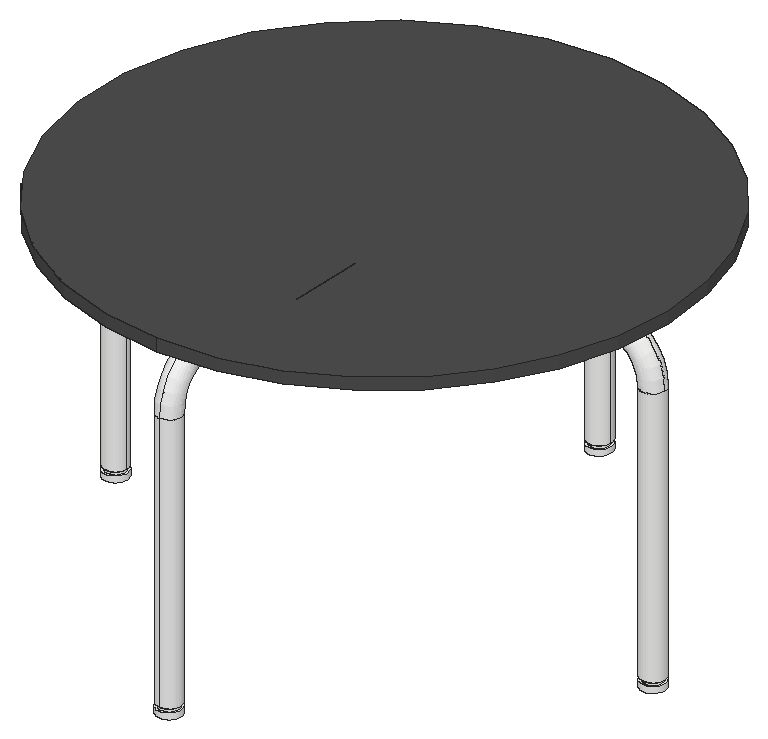
Revit family "Table-Teknion-CQTMC_Routes_Circular_Meeting_Table-R2018", category Furniture, Revit 2018
Family settings
  OmniClass Number = 23.40.20.00
  OmniClass Title = General Furniture and Specialties
  Work Plane-Based = No
  Always vertical = Yes
  Cut with Voids When Loaded = No
  Shared = Yes
  Room Calculation Point = No
Parameters (values of type "48" Dia.")
  Warranty = "http://www.teknion.com/ca/papers/legal-canada"
  Unit Weight URL = "http://www.teknion.com/ca/tools/assets#&asset=bee6a381-b954-425e-8283-5a2de3a804f2,f828d448-4b62-4231-9e5f-9a8991c0ed77"
  URL = "www.teknion.com"
  To render please download texture images found here [instance] = "https://assets.teknion.com/web/5e81352c1dfdb467/revit-material-swatches/"
  Sustainability Data = "https://www.teknion.com/ca/tools/assets#&topic=216f99a5-57a0-44fc-b10a-9dee9b29ae4c&asset=444deb64-fe58-4b68-981e-f75e97781df7,b4ff2d81-9f2e-437d-9659-7cffb09c31cf"
  Surface Finish [instance] = Foundation Laminate-Teknion-6K-Matte-Black
  Series = "Routes"  # constant formula
  Product Page URL = "https://www.teknion.com/ca/products/all-products"
  Product Line = "Routes"  # constant formula
  Product Documentation Link = "https://assets.teknion.com/m/72af4764f50e983c/original/Routes-Reference-Guide.pdf"
  Part Number = "CQTMC"  # constant formula
  Model = "CQTMC48"
  Manufacturer Phone = "416-661-3370"  # constant formula
  Manufacturer Fax = "416.661.4586"  # constant formula
  Manufacturer Contact Information = "http://www.teknion.com/ca/contactus"
  Manufacturer Address = "1150 Flint Road, Toronto, ON. M3J 2J5. Canada"  # constant formula
  Manufacturer = "Teknion"  # constant formula
  How To Use Teknion Materials User Guide [instance] = "https://assets.teknion.com/m/205dd0a49fa58060/original/How-to-add-a-Material-Library-and-Texture-Images-to-your-Revit-project.pdf"
  Frame Finish [instance] = Paint - Teknion - Mica - Very White
  For Additional Finishes please visit [instance] = "https://assets.teknion.com/m/44a8009b046e5d47/original/Teknion_Materials_Library.zip"
  Description = "Routes Circular Meeting Table, 48\" Diameter"
  Assembly Code = "E2020200"
Reference planes (in)
  plane 1 "Center Front/Back": y = 0.0932
  plane 2: z = 0
  plane 3 "Center Left/Right": x = 0.00692
  plane 4 "Left": x = -24.09086
  plane 5 "Right": x = 24.1047
  plane 6 "Back": y = 24.1925
  plane 7 "Front": y = -24.00611
  plane 8 "Top": z = 29
Forms (in)
  Sweep 1, solid, material "Paint - Teknion - Mica - Very White" <- "Frame Finish"
    path origin (0.00666, 0.08752, 0) x (-1, 0, 0) y (0, 0, 1)
      loop
        arc (22.74865, 22.75) -> (21.57708, 25.57843) -> (18.74865, 26.75) r 4
        line (18.74865, 26.75) -> (4.00007, 26.75)
    profile origin (-11.3677, 0.08752, 26.75) x (0, 0, -1) y (0, 1, 0)
      loop
        circle (0, 0.00442) r 0.97549
  Sweep 2, solid, material "Paint - Teknion - Mica - Very White" <- "Frame Finish"
    path in 3D
      loop
        line (-0.99334, 13.65213, 26.75) -> (-0.99334, 4.09259, 26.75)
        arc (-0.99334, 4.09259, 26.75) -> (-1.2217, 2.94454, 26.75) -> (-1.87202, 1.97127, 26.75) r 3
        arc (-1.87202, 1.97127, 26.75) -> (-2.84536, 1.32088, 26.75) -> (-3.99341, 1.09252, 26.75) r 3
    profile origin (-0.99334, 8.87236, 26.75) x (0, 0, 1) y (-1, 0, 0)
      loop
        circle (0, -1.00058) r 1
  Sweep 3, solid, material "Paint - Teknion - Mica - Very White" <- "Frame Finish"
    path in 3D
      loop
        arc (-0.91012, 22.83713, 22.75) -> (-0.91012, 21.67141, 25.56428) -> (-0.91012, 18.85713, 26.73) r 3.98
        line (-0.91012, 18.85713, 26.73) -> (-0.91012, 13.69213, 26.73)
    profile origin (-0.91012, 16.27463, 26.73) x (0.030837, 0, -0.999524) y (0.999524, 0, 0.030837)
      loop
        circle (0.0083, 0.91755) r 1
  Sweep 4, solid, material "Paint - Teknion - Mica - Very White" <- "Frame Finish"
    path in 3D
      loop
        line (-0.91012, 22.87713, 22.75) -> (-0.91012, 22.87713, 0.875)
    profile origin (-0.91012, 22.87713, 11.8125) x (0.722361, 0.691516, 0) y (-0.691516, 0.722361, 0)
      loop
        circle (0.64891, -0.64891) r 0.9999
  Sweep 5, solid, material "Paint - Teknion - Mica - Very White" <- "Frame Finish"
    path origin (0.00801, 0.09257, 0) x (0.707107, -0.707107, 0) y (0, 0, 1)
      loop
        line (0, 27.5) -> (0, 28)
    profile origin (0.00801, 0.09257, 27.75) x (-0.707107, 0.707107, 0) y (-0.707107, -0.707107, 0)
      loop
        line (2.4069, -0.875) -> (2.4069, 0.875) -> (0.06315, 0.875) -> (0.06315, -0.875) -> (2.4069, -0.875)
      loop
        line (-2.4069, 0.875) -> (-2.4069, -0.875) -> (-0.06315, -0.875) -> (-0.06315, 0.875) -> (-2.4069, 0.875)
  SweptBlend 6, solid, material "Paint - Teknion - Mica - Very White" <- "Frame Finish"
    path origin (0.00666, -3.9345, 0) x (0.707107, -0.707107, 0) y (0, 0, 1)
      loop
        line (-14.63621, 27) -> (-14.63621, 27.66815)
    profile origin (-10.3427, 6.41486, 27) x (-0.707107, 0.707107, 0) y (-0.707107, -0.707107, 0)
      loop
        line (0.72867, -16.31947) -> (1.68327, -15.36488)
        arc (1.68327, -15.36488) -> (1.75649, -15.1881) -> (1.68327, -15.01133) r 0.25
        line (1.68327, -15.01133) -> (-0.37512, -12.95294)
        arc (-0.37512, -12.95294) -> (-0.5519, -12.87971) -> (-0.72867, -12.95294) r 0.25
        line (-0.72867, -12.95294) -> (-1.68327, -13.90753)
        arc (-1.68327, -13.90753) -> (-1.75649, -14.08431) -> (-1.68327, -14.26109) r 0.25
        line (-1.68327, -14.26109) -> (0.37512, -16.31947)
        arc (0.37512, -16.31947) -> (0.5519, -16.3927) -> (0.72867, -16.31947) r 0.25
    end profile origin (-10.3427, 6.41486, 27.66815) x (-0.707107, 0.707107, 0) y (-0.707107, -0.707107, 0)
      loop
        arc (3.06213, -15.04668) -> (3.2818, -14.51635) -> (3.06213, -13.98602) r 0.75
        line (3.06213, -13.98602) -> (0.65018, -11.57408)
        arc (0.65018, -11.57408) -> (0.11985, -11.35441) -> (-0.41048, -11.57408) r 0.75
        line (-0.41048, -11.57408) -> (-3.06213, -14.22573)
        arc (-3.06213, -14.22573) -> (-3.2818, -14.75606) -> (-3.06213, -15.28639) r 0.75
        line (-3.06213, -15.28639) -> (-0.65018, -17.69833)
        arc (-0.65018, -17.69833) -> (-0.11985, -17.918) -> (0.41048, -17.69833) r 0.75
        line (0.41048, -17.69833) -> (3.06213, -15.04668)
  SweptBlend 7, solid, material "Paint - Teknion - Mica - Very White" <- "Frame Finish"
    path origin (4.04964, 0.09257, 0) x (0.707107, -0.707107, 0) y (0, 0, -1)
      loop
        line (-14.63621, -27) -> (-14.63621, -27.66815)
    profile origin (-6.29972, 10.44193, 27) x (0.707107, -0.707107, 0) y (0.707107, 0.707107, 0)
      loop
        arc (-0.72867, -16.31947) -> (-0.5519, -16.3927) -> (-0.37512, -16.31947) r 0.25
        line (-0.37512, -16.31947) -> (1.68327, -14.26109)
        arc (1.68327, -14.26109) -> (1.75649, -14.08431) -> (1.68327, -13.90753) r 0.25
        line (1.68327, -13.90753) -> (0.72867, -12.95294)
        arc (0.72867, -12.95294) -> (0.5519, -12.87971) -> (0.37512, -12.95294) r 0.25
        line (0.37512, -12.95294) -> (-1.68327, -15.01133)
        arc (-1.68327, -15.01133) -> (-1.75649, -15.1881) -> (-1.68327, -15.36488) r 0.25
        line (-1.68327, -15.36488) -> (-0.72867, -16.31947)
    end profile origin (-6.29972, 10.44193, 27.66815) x (0.707107, -0.707107, 0) y (0.707107, 0.707107, 0)
      loop
        line (-3.06213, -15.04668) -> (-0.41048, -17.69833)
        arc (-0.41048, -17.69833) -> (0.11985, -17.918) -> (0.65018, -17.69833) r 0.75
        line (0.65018, -17.69833) -> (3.06213, -15.28639)
        arc (3.06213, -15.28639) -> (3.2818, -14.75606) -> (3.06213, -14.22573) r 0.75
        line (3.06213, -14.22573) -> (0.41048, -11.57408)
        arc (0.41048, -11.57408) -> (-0.11985, -11.35441) -> (-0.65018, -11.57408) r 0.75
        line (-0.65018, -11.57408) -> (-3.06213, -13.98602)
        arc (-3.06213, -13.98602) -> (-3.2818, -14.51635) -> (-3.06213, -15.04668) r 0.75
  Sweep 8, solid, material "Paint - Teknion - Mica - Very White" <- "Frame Finish"
    path origin (13.40134, -17.32918, 0) x (0.707107, -0.707107, 0) y (0, 0, 1)
      loop
        line (-37.88749, 0.8325) -> (-37.88749, 0.66075)
    profile origin (-13.38916, 9.46131, 0.74662) x (-0.707107, -0.707107, 0) y (0.707107, -0.707107, 0)
      loop
        circle (-18.94259, 0.0006) r 0.46956
  Sweep 9, solid, material "Paint - Teknion - Mica - Very White" <- "Frame Finish"
    path origin (13.40134, -17.32918, 0) x (0.707107, -0.707107, 0) y (0, 0, 1)
      loop
        line (-37.88749, 0.53575) -> (-37.88749, 0.0625)
    profile origin (-13.38916, 9.46131, 0.29912) x (-0.707107, -0.707107, 0) y (0.707107, -0.707107, 0)
      loop
        circle (-18.94259, 0.0006) r 1
  Sweep 10, solid, material "Paint - Teknion - Mica - Very White" <- "Frame Finish"
    path origin (13.40134, -17.32918, -0.17175) x (0.707107, -0.707107, 0) y (0, 0, 1)
      loop
        line (-37.88749, 0.8325) -> (-37.88749, 0.7075)
    profile origin (-13.38916, 9.46131, 0.59825) x (-0.707107, -0.707107, 0) y (0.707107, -0.707107, 0)
      loop
        circle (-18.94259, 0.0006) r 0.77651
  Sweep 11, solid, material "Paint - Teknion - Mica - Very White" <- "Frame Finish"
    path origin (13.40134, -17.32918, -0.7075) x (0.707107, -0.707107, 0) y (0, 0, 1)
      loop
        line (-37.88749, 0.8325) -> (-37.88749, 0.7075)
    profile origin (-13.38916, 9.46131, 0.0625) x (-0.707107, -0.707107, 0) y (0.707107, -0.707107, 0)
      loop
        circle (-18.94259, 0.0006) r 0.84765
  Sweep 12, solid, material "Paint - Teknion - Mica - Very White" <- "Frame Finish"
    path in 3D
      loop
        line (-22.76199, 1.0075, 22.75) -> (-22.76199, 1.0075, 0.875)
    profile origin (-22.76199, 1.0075, 11.8125) x (0.722361, -0.691516, 0) y (0.691516, 0.722361, 0)
      loop
        circle (0.64671, -0.64663) r 0.97549
  Sweep 13, solid, material "Paint - Teknion - Mica - Very White" <- "Frame Finish"
    path origin (17.44252, -13.30396, 0) x (0.707107, -0.707107, 0) y (0, 0, -1)
      loop
        line (-37.88749, -0.8325) -> (-37.88749, -0.66075)
    profile origin (-9.34798, 13.48654, 0.74662) x (0.707107, 0.707107, 0) y (-0.707107, 0.707107, 0)
      loop
        circle (-18.94259, -0.0006) r 0.46956
  Sweep 14, solid, material "Paint - Teknion - Mica - Very White" <- "Frame Finish"
    path origin (17.44252, -13.30396, 0) x (0.707107, -0.707107, 0) y (0, 0, -1)
      loop
        line (-37.88749, -0.53575) -> (-37.88749, -0.0625)
    profile origin (-9.34798, 13.48654, 0.29912) x (0.707107, 0.707107, 0) y (-0.707107, 0.707107, 0)
      loop
        circle (-18.94259, -0.0006) r 1
  Sweep 15, solid, material "Paint - Teknion - Mica - Very White" <- "Frame Finish"
    path origin (17.44252, -13.30396, -0.17175) x (0.707107, -0.707107, 0) y (0, 0, -1)
      loop
        line (-37.88749, -0.8325) -> (-37.88749, -0.7075)
    profile origin (-9.34798, 13.48654, 0.59825) x (0.707107, 0.707107, 0) y (-0.707107, 0.707107, 0)
      loop
        circle (-18.94259, -0.0006) r 0.77651
  Sweep 16, solid, material "Paint - Teknion - Mica - Very White" <- "Frame Finish"
    path origin (17.44252, -13.30396, -0.7075) x (0.707107, -0.707107, 0) y (0, 0, -1)
      loop
        line (-37.88749, -0.8325) -> (-37.88749, -0.7075)
    profile origin (-9.34798, 13.48654, 0.0625) x (0.707107, 0.707107, 0) y (-0.707107, 0.707107, 0)
      loop
        circle (-18.94259, -0.0006) r 0.84765
  Sweep 17, solid, material "Paint - Teknion - Mica - Very White" <- "Frame Finish"
    path origin (4.04964, 0.09257, 0) x (0.707107, -0.707107, 0) y (0, 0, 1)
      loop
        line (0, 28) -> (0, 27.66815)
    profile origin (4.04964, 0.09257, 27.83407) x (-0.707107, -0.707107, 0) y (0.707107, -0.707107, 0)
      loop
        line (-9.57066, -11.57408) -> (-11.9826, -13.98602)
        arc (-11.9826, -13.98602) -> (-12.20227, -14.51635) -> (-11.9826, -15.04668) r 0.75
        line (-11.9826, -15.04668) -> (-9.33095, -17.69833)
        arc (-9.33095, -17.69833) -> (-8.80062, -17.918) -> (-8.27029, -17.69833) r 0.75
        line (-8.27029, -17.69833) -> (-5.85835, -15.28639)
        arc (-5.85835, -15.28639) -> (-5.63868, -14.75606) -> (-5.85835, -14.22573) r 0.75
        line (-5.85835, -14.22573) -> (-8.51, -11.57408)
        arc (-8.51, -11.57408) -> (-9.04033, -11.35441) -> (-9.57066, -11.57408) r 0.75
      loop
        arc (-9.57066, 5.85835) -> (-9.04033, 5.63868) -> (-8.51, 5.85835) r 0.75
        line (-8.51, 5.85835) -> (-5.85835, 8.51)
        arc (-5.85835, 8.51) -> (-5.63868, 9.04033) -> (-5.85835, 9.57066) r 0.75
        line (-5.85835, 9.57066) -> (-8.27029, 11.9826)
        arc (-8.27029, 11.9826) -> (-8.80062, 12.20227) -> (-9.33095, 11.9826) r 0.75
        line (-9.33095, 11.9826) -> (-11.9826, 9.33095)
        arc (-11.9826, 9.33095) -> (-12.20227, 8.80062) -> (-11.9826, 8.27029) r 0.75
        line (-11.9826, 8.27029) -> (-9.57066, 5.85835)
      loop
        arc (15.28639, -11.57408) -> (14.75606, -11.35441) -> (14.22573, -11.57408) r 0.75
        line (14.22573, -11.57408) -> (11.57408, -14.22573)
        arc (11.57408, -14.22573) -> (11.35441, -14.75606) -> (11.57408, -15.28639) r 0.75
        line (11.57408, -15.28639) -> (13.98602, -17.69833)
        arc (13.98602, -17.69833) -> (14.51635, -17.918) -> (15.04668, -17.69833) r 0.75
        line (15.04668, -17.69833) -> (17.69833, -15.04668)
        arc (17.69833, -15.04668) -> (17.918, -14.51635) -> (17.69833, -13.98602) r 0.75
        line (17.69833, -13.98602) -> (15.28639, -11.57408)
      loop
        line (15.28639, 5.85835) -> (17.69833, 8.27029)
        arc (17.69833, 8.27029) -> (17.918, 8.80062) -> (17.69833, 9.33095) r 0.75
        line (17.69833, 9.33095) -> (15.04668, 11.9826)
        arc (15.04668, 11.9826) -> (14.51635, 12.20227) -> (13.98602, 11.9826) r 0.75
        line (13.98602, 11.9826) -> (11.57408, 9.57066)
        arc (11.57408, 9.57066) -> (11.35441, 9.04033) -> (11.57408, 8.51) r 0.75
        line (11.57408, 8.51) -> (14.22573, 5.85835)
        arc (14.22573, 5.85835) -> (14.75606, 5.63868) -> (15.28639, 5.85835) r 0.75
  Sweep 18, solid, material "Paint - Teknion - Mica - Very White" <- "Frame Finish"
    path origin (-0.01185, 0.0923, 0) x (0, -1, 0) y (0, 0, -1)
      loop
        arc (22.74865, -22.75) -> (21.57708, -25.57843) -> (18.74865, -26.75) r 4
        line (18.74865, -26.75) -> (4.00007, -26.75)
    profile origin (-0.01185, -11.28206, 26.75) x (0, 0, 1) y (1, 0, 0)
      loop
        circle (0, 0.00442) r 0.97549
  Sweep 19, solid, material "Paint - Teknion - Mica - Very White" <- "Frame Finish"
    path in 3D
      loop
        line (13.55277, -0.9077, 26.75) -> (3.99323, -0.9077, 26.75)
        arc (3.99323, -0.9077, 26.75) -> (2.84518, -1.13606, 26.75) -> (1.87191, -1.78638, 26.75) r 3
        arc (1.87191, -1.78638, 26.75) -> (1.22152, -2.75972, 26.75) -> (0.99316, -3.90777, 26.75) r 3
    profile origin (8.773, -0.9077, 26.75) x (0, -1, 0) y (0, 0, 1)
      loop
        circle (-1.00058, 0) r 1
  Sweep 20, solid, material "Paint - Teknion - Mica - Very White" <- "Frame Finish"
    path in 3D
      loop
        arc (22.73777, -0.82448, 22.75) -> (21.57205, -0.82448, 25.56428) -> (18.75777, -0.82448, 26.73) r 3.98
        line (18.75777, -0.82448, 26.73) -> (13.59277, -0.82448, 26.73)
    profile origin (16.17527, -0.82448, 26.73) x (0, -1, 0) y (0, 0, 1)
      loop
        circle (-0.91737, 0.02) r 1
  Sweep 21, solid, material "Paint - Teknion - Mica - Very White" <- "Frame Finish"
    path in 3D
      loop
        line (22.77777, -0.82448, 22.75) -> (22.77777, -0.82448, 0.875)
    profile origin (22.77777, -0.82448, 11.8125) x (-0.722361, 0.691516, 0) y (-0.691516, -0.722361, 0)
      loop
        circle (0.64891, -0.64891) r 0.9999
  SweptBlend 22, solid, material "Paint - Teknion - Mica - Very White" <- "Frame Finish"
    path origin (-4.03386, 0.0923, 0) x (-0.707107, 0.707107, 0) y (0, 0, -1)
      loop
        line (-14.63621, -27) -> (-14.63621, -27.66815)
    profile origin (6.3155, -10.25706, 27) x (-0.707107, 0.707107, 0) y (-0.707107, -0.707107, 0)
      loop
        arc (-0.72867, -16.31947) -> (-0.5519, -16.3927) -> (-0.37512, -16.31947) r 0.25
        line (-0.37512, -16.31947) -> (1.68327, -14.26109)
        arc (1.68327, -14.26109) -> (1.75649, -14.08431) -> (1.68327, -13.90753) r 0.25
        line (1.68327, -13.90753) -> (0.72867, -12.95294)
        arc (0.72867, -12.95294) -> (0.5519, -12.87971) -> (0.37512, -12.95294) r 0.25
        line (0.37512, -12.95294) -> (-1.68327, -15.01133)
        arc (-1.68327, -15.01133) -> (-1.75649, -15.1881) -> (-1.68327, -15.36488) r 0.25
        line (-1.68327, -15.36488) -> (-0.72867, -16.31947)
    end profile origin (6.3155, -10.25706, 27.66815) x (-0.707107, 0.707107, 0) y (-0.707107, -0.707107, 0)
      loop
        line (-3.06213, -15.04668) -> (-0.41048, -17.69833)
        arc (-0.41048, -17.69833) -> (0.11985, -17.918) -> (0.65018, -17.69833) r 0.75
        line (0.65018, -17.69833) -> (3.06213, -15.28639)
        arc (3.06213, -15.28639) -> (3.2818, -14.75606) -> (3.06213, -14.22573) r 0.75
        line (3.06213, -14.22573) -> (0.41048, -11.57408)
        arc (0.41048, -11.57408) -> (-0.11985, -11.35441) -> (-0.65018, -11.57408) r 0.75
        line (-0.65018, -11.57408) -> (-3.06213, -13.98602)
        arc (-3.06213, -13.98602) -> (-3.2818, -14.51635) -> (-3.06213, -15.04668) r 0.75
  SweptBlend 23, solid, material "Paint - Teknion - Mica - Very White" <- "Frame Finish"
    path origin (-0.00679, 4.13528, 0) x (-0.707107, 0.707107, 0) y (0, 0, 1)
      loop
        line (-14.63621, 27) -> (-14.63621, 27.66815)
    profile origin (10.34257, -6.21408, 27) x (0.707107, -0.707107, 0) y (0.707107, 0.707107, 0)
      loop
        line (0.72867, -16.31947) -> (1.68327, -15.36488)
        arc (1.68327, -15.36488) -> (1.75649, -15.1881) -> (1.68327, -15.01133) r 0.25
        line (1.68327, -15.01133) -> (-0.37512, -12.95294)
        arc (-0.37512, -12.95294) -> (-0.5519, -12.87971) -> (-0.72867, -12.95294) r 0.25
        line (-0.72867, -12.95294) -> (-1.68327, -13.90753)
        arc (-1.68327, -13.90753) -> (-1.75649, -14.08431) -> (-1.68327, -14.26109) r 0.25
        line (-1.68327, -14.26109) -> (0.37512, -16.31947)
        arc (0.37512, -16.31947) -> (0.5519, -16.3927) -> (0.72867, -16.31947) r 0.25
    end profile origin (10.34257, -6.21408, 27.66815) x (0.707107, -0.707107, 0) y (0.707107, 0.707107, 0)
      loop
        arc (3.06213, -15.04668) -> (3.2818, -14.51635) -> (3.06213, -13.98602) r 0.75
        line (3.06213, -13.98602) -> (0.65018, -11.57408)
        arc (0.65018, -11.57408) -> (0.11985, -11.35441) -> (-0.41048, -11.57408) r 0.75
        line (-0.41048, -11.57408) -> (-3.06213, -14.22573)
        arc (-3.06213, -14.22573) -> (-3.2818, -14.75606) -> (-3.06213, -15.28639) r 0.75
        line (-3.06213, -15.28639) -> (-0.65018, -17.69833)
        arc (-0.65018, -17.69833) -> (-0.11985, -17.918) -> (0.41048, -17.69833) r 0.75
        line (0.41048, -17.69833) -> (3.06213, -15.04668)
  Sweep 24, solid, material "Paint - Teknion - Mica - Very White" <- "Frame Finish"
    path origin (-17.42855, 13.48698, 0) x (-0.707107, 0.707107, 0) y (0, 0, -1)
      loop
        line (-37.88749, -0.8325) -> (-37.88749, -0.66075)
    profile origin (9.36195, -13.30351, 0.74662) x (-0.707107, -0.707107, 0) y (0.707107, -0.707107, 0)
      loop
        circle (-18.94259, -0.0006) r 0.46956
  Sweep 25, solid, material "Paint - Teknion - Mica - Very White" <- "Frame Finish"
    path origin (-17.42855, 13.48698, 0) x (-0.707107, 0.707107, 0) y (0, 0, -1)
      loop
        line (-37.88749, -0.53575) -> (-37.88749, -0.0625)
    profile origin (9.36195, -13.30351, 0.29912) x (-0.707107, -0.707107, 0) y (0.707107, -0.707107, 0)
      loop
        circle (-18.94259, -0.0006) r 1
  Sweep 26, solid, material "Paint - Teknion - Mica - Very White" <- "Frame Finish"
    path origin (-17.42855, 13.48698, -0.17175) x (-0.707107, 0.707107, 0) y (0, 0, -1)
      loop
        line (-37.88749, -0.8325) -> (-37.88749, -0.7075)
    profile origin (9.36195, -13.30351, 0.59825) x (-0.707107, -0.707107, 0) y (0.707107, -0.707107, 0)
      loop
        circle (-18.94259, -0.0006) r 0.77651
  Sweep 27, solid, material "Paint - Teknion - Mica - Very White" <- "Frame Finish"
    path origin (-17.42855, 13.48698, -0.7075) x (-0.707107, 0.707107, 0) y (0, 0, -1)
      loop
        line (-37.88749, -0.8325) -> (-37.88749, -0.7075)
    profile origin (9.36195, -13.30351, 0.0625) x (-0.707107, -0.707107, 0) y (0.707107, -0.707107, 0)
      loop
        circle (-18.94259, -0.0006) r 0.84765
  Sweep 28, solid, material "Paint - Teknion - Mica - Very White" <- "Frame Finish"
    path in 3D
      loop
        line (0.90814, -22.67635, 22.75) -> (0.90814, -22.67635, 0.875)
    profile origin (0.90814, -22.67635, 11.8125) x (-0.722361, -0.691516, 0) y (0.691516, -0.722361, 0)
      loop
        circle (0.64663, -0.64671) r 0.97549
  Sweep 29, solid, material "Paint - Teknion - Mica - Very White" <- "Frame Finish"
    path origin (-13.40332, 17.52816, 0) x (-0.707107, 0.707107, 0) y (0, 0, 1)
      loop
        line (-37.88749, 0.8325) -> (-37.88749, 0.66075)
    profile origin (13.38717, -9.26234, 0.74662) x (0.707107, 0.707107, 0) y (-0.707107, 0.707107, 0)
      loop
        circle (-18.94259, 0.0006) r 0.46956
  Sweep 30, solid, material "Paint - Teknion - Mica - Very White" <- "Frame Finish"
    path origin (-13.40332, 17.52816, 0) x (-0.707107, 0.707107, 0) y (0, 0, 1)
      loop
        line (-37.88749, 0.53575) -> (-37.88749, 0.0625)
    profile origin (13.38717, -9.26234, 0.29912) x (0.707107, 0.707107, 0) y (-0.707107, 0.707107, 0)
      loop
        circle (-18.94259, 0.0006) r 1
  Sweep 31, solid, material "Paint - Teknion - Mica - Very White" <- "Frame Finish"
    path origin (-13.40332, 17.52816, -0.17175) x (-0.707107, 0.707107, 0) y (0, 0, 1)
      loop
        line (-37.88749, 0.8325) -> (-37.88749, 0.7075)
    profile origin (13.38717, -9.26234, 0.59825) x (0.707107, 0.707107, 0) y (-0.707107, 0.707107, 0)
      loop
        circle (-18.94259, 0.0006) r 0.77651
  Sweep 32, solid, material "Paint - Teknion - Mica - Very White" <- "Frame Finish"
    path origin (-13.40332, 17.52816, -0.7075) x (-0.707107, 0.707107, 0) y (0, 0, 1)
      loop
        line (-37.88749, 0.8325) -> (-37.88749, 0.7075)
    profile origin (13.38717, -9.26234, 0.0625) x (0.707107, 0.707107, 0) y (-0.707107, 0.707107, 0)
      loop
        circle (-18.94259, 0.0006) r 0.84765
  Sweep 33, solid, material "Foundation Laminate-Teknion-6K-Matte-Black" <- "Surface Finish"
    path origin (0, 0.0932, 0) x (1, 0, 0) y (0, 0, 1)
      loop
        line (0.00692, 29) -> (0.00692, 28)
    profile origin (0.00692, 0.0932, 28.5) x (0, -1, 0) y (1, 0, 0)
      loop
        circle (0, 0) r 24.09931
Lines and regions (in)
  Masking region 1
    outline origin (0, 0, 0) x (1, 0, 0) y (0, 1, 0)
      loop
        circle (0.00692, 0.0932) r 24.09931
  sketch lines
    curve 1: line (-0.99334, 13.65213, 26.75) -> (-0.99334, 4.09259, 26.75)
    curve 2: arc (-0.99334, 4.09259, 26.75) -> (-1.2217, 2.94454, 26.75) -> (-1.87202, 1.97127, 26.75) r 3
    curve 3: arc (-1.87209, 1.9712, 26.75) -> (-2.84536, 1.32088, 26.75) -> (-3.99341, 1.09252, 26.75) r 3
    curve 4: line (-0.91012, 18.85713, 26.73) -> (-0.91012, 13.69213, 26.73)
    curve 5: arc (-0.91012, 22.83713, 22.75) -> (-0.91012, 21.67141, 25.56428) -> (-0.91012, 18.85713, 26.73) r 3.98
    curve 6: line (-0.91012, 22.87713, 22.75) -> (-0.91012, 22.87713, 0.875)
    curve 7: line (-22.76199, 1.0075, 22.75) -> (-22.76199, 1.0075, 0.875)
    curve 52: line (13.55277, -0.9077, 26.75) -> (3.99323, -0.9077, 26.75)
    curve 53: arc (3.99323, -0.9077, 26.75) -> (2.84518, -1.13606, 26.75) -> (1.87191, -1.78638, 26.75) r 3
    curve 54: arc (1.87184, -1.78645, 26.75) -> (1.22152, -2.75972, 26.75) -> (0.99316, -3.90777, 26.75) r 3
    curve 55: line (18.75777, -0.82448, 26.73) -> (13.59277, -0.82448, 26.73)
    curve 56: arc (22.73777, -0.82448, 22.75) -> (21.57205, -0.82448, 25.56428) -> (18.75777, -0.82448, 26.73) r 3.98
    curve 57: line (22.77777, -0.82448, 22.75) -> (22.77777, -0.82448, 0.875)
    curve 58: line (0.90814, -22.67635, 22.75) -> (0.90814, -22.67635, 0.875)
  symbolic lines, style "FurnitureHiddenLines", detail levels medium+fine
    curve 8: line (-0.99299, 22.8558, 0) -> (-0.99299, 4.13457, 0)
    curve 9: line (1.00701, 22.84291, 0) -> (1.00701, 4.09291, 0)
    curve 10: line (-4.09625, 1.07435, 0) -> (-22.52875, 1.07435, 0)
    curve 11: line (-3.99341, -0.90751, 0) -> (-22.74392, -0.90751, 0)
    curve 12: arc (-22.76445, 1.09648, 0) -> (-23.74151, 0.08176, 0) -> (-22.73837, -0.90718, 0) r 1.00198
    curve 18: line (1.88166, 19.21972, 0) -> (-1.86834, 19.21972, 0)
    curve 19: line (2.63166, 15.05872, 0) -> (2.63166, 18.46972, 0)
    curve 20: line (-1.86834, 14.30872, 0) -> (1.88166, 14.30872, 0)
    curve 21: line (-2.61834, 18.46972, 0) -> (-2.61834, 15.05872, 0)
    curve 22: arc (-1.86834, 19.21972, 0) -> (-2.39867, 19.00005, 0) -> (-2.61834, 18.46972, 0) r 0.75
    curve 23: arc (2.63166, 18.46972, 0) -> (2.41199, 19.00005, 0) -> (1.88166, 19.21972, 0) r 0.75
    curve 24: arc (1.88166, 14.30872, 0) -> (2.41199, 14.52839, 0) -> (2.63166, 15.05872, 0) r 0.75
    curve 25: arc (-2.61834, 15.05872, 0) -> (-2.39867, 14.52839, 0) -> (-1.86834, 14.30872, 0) r 0.75
    curve 26: line (-14.94358, 2.71757, 0) -> (-18.35458, 2.71757, 0)
    curve 27: arc (-14.19358, 1.96757, 0) -> (-14.41325, 2.4979, 0) -> (-14.94358, 2.71757, 0) r 0.75
    curve 28: line (-14.19358, -1.78243, 0) -> (-14.19358, 1.96757, 0)
    curve 29: arc (-14.94358, -2.53243, 0) -> (-14.41325, -2.31276, 0) -> (-14.19358, -1.78243, 0) r 0.75
    curve 30: line (-18.35458, -2.53243, 0) -> (-14.94358, -2.53243, 0)
    curve 31: arc (-19.10458, -1.78243, 0) -> (-18.88491, -2.31276, 0) -> (-18.35458, -2.53243, 0) r 0.75
    curve 32: line (-19.10458, 1.96757, 0) -> (-19.10458, -1.78243, 0)
    curve 33: arc (-18.35458, 2.71757, 0) -> (-18.88491, 2.4979, 0) -> (-19.10458, 1.96757, 0) r 0.75
    curve 50: arc (-4.09625, 1.07435, 0) -> (-1.91708, 1.96809, 0) -> (-0.99299, 4.13457, 0) r 3.10357
    curve 51: arc (-3.99341, -0.90751, 0) -> (-0.45758, 0.55708, 0) -> (1.00701, 4.09291, 0) r 5.00043
    curve 59: arc (-0.99284, 22.89109, 0) -> (0.01496, 23.86019, 0) -> (1.01038, 22.87839, 0) r 1.00198
    curve 62: line (22.77123, -0.90842, 0) -> (4.05001, -0.90842, 0)
    curve 63: line (22.75835, 1.09158, 0) -> (4.00835, 1.09158, 0)
    curve 64: line (0.98978, -4.01169, 0) -> (0.98978, -22.44418, 0)
    curve 65: line (-0.99208, -3.90885, 0) -> (-0.99208, -22.65936, 0)
    curve 66: arc (1.01191, -22.67988, 0) -> (-0.0028, -23.65695, 0) -> (-0.99175, -22.65381, 0) r 1.00198
    curve 71: line (19.13515, 1.96622, 0) -> (19.13515, -1.78378, 0)
    curve 72: line (14.97415, 2.71622, 0) -> (18.38515, 2.71622, 0)
    curve 73: line (14.22415, -1.78378, 0) -> (14.22415, 1.96622, 0)
    curve 74: line (18.38515, -2.53378, 0) -> (14.97415, -2.53378, 0)
    curve 75: arc (19.13515, -1.78378, 0) -> (18.91548, -2.31411, 0) -> (18.38515, -2.53378, 0) r 0.75
    curve 76: arc (18.38515, 2.71622, 0) -> (18.91548, 2.49655, 0) -> (19.13515, 1.96622, 0) r 0.75
    curve 77: arc (14.22415, 1.96622, 0) -> (14.44382, 2.49655, 0) -> (14.97415, 2.71622, 0) r 0.75
    curve 78: arc (14.97415, -2.53378, 0) -> (14.44382, -2.31411, 0) -> (14.22415, -1.78378, 0) r 0.75
    curve 79: line (2.63301, -14.85902, 0) -> (2.63301, -18.27002, 0)
    curve 80: arc (1.88301, -14.10902, 0) -> (2.41334, -14.32869, 0) -> (2.63301, -14.85902, 0) r 0.75
    curve 81: line (-1.86699, -14.10902, 0) -> (1.88301, -14.10902, 0)
    curve 82: arc (-2.61699, -14.85902, 0) -> (-2.39732, -14.32869, 0) -> (-1.86699, -14.10902, 0) r 0.75
    curve 83: line (-2.61699, -18.27002, 0) -> (-2.61699, -14.85902, 0)
    curve 84: arc (-1.86699, -19.02002, 0) -> (-2.39732, -18.80035, 0) -> (-2.61699, -18.27002, 0) r 0.75
    curve 85: line (1.88301, -19.02002, 0) -> (-1.86699, -19.02002, 0)
    curve 86: arc (2.63301, -18.27002, 0) -> (2.41334, -18.80035, 0) -> (1.88301, -19.02002, 0) r 0.75
    curve 103: arc (0.98978, -4.01169, 0) -> (1.88352, -1.83251, 0) -> (4.05001, -0.90842, 0) r 3.10357
    curve 104: arc (-0.99208, -3.90885, 0) -> (0.47251, -0.37301, 0) -> (4.00835, 1.09158, 0) r 5.00043
    curve 105: arc (22.80653, -0.90828, 0) -> (23.77563, 0.09952, 0) -> (22.79382, 1.09495, 0) r 1.00198
  symbolic lines, style "FurnitureHiddenLines", detail levels fine
    curve 13: circle (-22.73961, 0.0948, 0) r 0.47169 normal (0, 0, 1)
    curve 14: arc (-0.9713, 22.85713, 0) -> (0.00418, 23.83261, 0) -> (0.97967, 22.85713, 0) r 0.97549
    curve 15: arc (-0.99313, 22.88048, 0) -> (-0.993, 22.88578, 0) -> (-0.99284, 22.89109, 0) r 1.00198
    curve 16: circle (0.0086, 22.85823, 0) r 0.47169 normal (0, 0, -1)
    curve 17: arc (0.97967, 22.85713, 0) -> (0.00418, 21.88164, 0) -> (-0.9713, 22.85713, 0) r 0.97549
    curve 34: line (-0.66834, 18.46972, 0) -> (0.68166, 18.46972, 0)
    curve 35: line (0.93166, 18.21972, 0) -> (0.93166, 15.30872, 0)
    curve 36: line (0.68166, 15.05872, 0) -> (-0.66834, 15.05872, 0)
    curve 37: line (-0.91834, 15.30872, 0) -> (-0.91834, 18.21972, 0)
    curve 38: arc (-0.91834, 18.21972, 0) -> (-0.84512, 18.3965, 0) -> (-0.66834, 18.46972, 0) r 0.25
    curve 39: arc (0.68166, 18.46972, 0) -> (0.85843, 18.3965, 0) -> (0.93166, 18.21972, 0) r 0.25
    curve 40: arc (0.93166, 15.30872, 0) -> (0.85843, 15.13194, 0) -> (0.68166, 15.05872, 0) r 0.25
    curve 41: arc (-0.66834, 15.05872, 0) -> (-0.84512, 15.13194, 0) -> (-0.91834, 15.30872, 0) r 0.25
    curve 42: line (-18.35458, 0.76757, 0) -> (-18.35458, -0.58243, 0)
    curve 43: line (-18.10458, -0.83243, 0) -> (-15.19358, -0.83243, 0)
    curve 44: line (-14.94358, -0.58243, 0) -> (-14.94358, 0.76757, 0)
    curve 45: line (-15.19358, 1.01757, 0) -> (-18.10458, 1.01757, 0)
    curve 46: arc (-18.10458, 1.01757, 0) -> (-18.28136, 0.94435, 0) -> (-18.35458, 0.76757, 0) r 0.25
    curve 47: arc (-18.35458, -0.58243, 0) -> (-18.28136, -0.7592, 0) -> (-18.10458, -0.83243, 0) r 0.25
    curve 48: arc (-15.19358, -0.83243, 0) -> (-15.01681, -0.7592, 0) -> (-14.94358, -0.58243, 0) r 0.25
    curve 49: arc (-14.94358, 0.76757, 0) -> (-15.01681, 0.94435, 0) -> (-15.19358, 1.01757, 0) r 0.25
    curve 60: arc (1.01038, 22.87839, 0) -> (0.00756, 21.85625, 0) -> (-0.99313, 22.88048, 0) r 1.00198
    curve 61: arc (-22.73837, -0.90718, 0) -> (-21.73772, 0.10784, 0) -> (-22.76445, 1.09648, 0) r 1.00198
    curve 67: circle (0.01024, -22.65505, 0) r 0.47169 normal (0, 0, -1)
    curve 68: arc (22.77256, -0.88674, 0) -> (23.74805, 0.08875, 0) -> (22.77256, 1.06423, 0) r 0.97549
    curve 69: circle (22.77366, 0.09317, 0) r 0.47169 normal (0, 0, 1)
    curve 70: arc (22.77256, 1.06423, 0) -> (21.79708, 0.08875, 0) -> (22.77256, -0.88674, 0) r 0.97549
    curve 87: line (18.38515, -0.58378, 0) -> (18.38515, 0.76622, 0)
    curve 88: line (18.13515, 1.01622, 0) -> (15.22415, 1.01622, 0)
    curve 89: line (14.97415, 0.76622, 0) -> (14.97415, -0.58378, 0)
    curve 90: line (15.22415, -0.83378, 0) -> (18.13515, -0.83378, 0)
    curve 91: arc (18.13515, -0.83378, 0) -> (18.31193, -0.76055, 0) -> (18.38515, -0.58378, 0) r 0.25
    curve 92: arc (18.38515, 0.76622, 0) -> (18.31193, 0.943, 0) -> (18.13515, 1.01622, 0) r 0.25
    curve 93: arc (15.22415, 1.01622, 0) -> (15.04738, 0.943, 0) -> (14.97415, 0.76622, 0) r 0.25
    curve 94: arc (14.97415, -0.58378, 0) -> (15.04738, -0.76055, 0) -> (15.22415, -0.83378, 0) r 0.25
    curve 95: line (0.68301, -18.27002, 0) -> (-0.66699, -18.27002, 0)
    curve 96: line (-0.91699, -18.02002, 0) -> (-0.91699, -15.10902, 0)
    curve 97: line (-0.66699, -14.85902, 0) -> (0.68301, -14.85902, 0)
    curve 98: line (0.93301, -15.10902, 0) -> (0.93301, -18.02002, 0)
    curve 99: arc (0.93301, -18.02002, 0) -> (0.85978, -18.1968, 0) -> (0.68301, -18.27002, 0) r 0.25
    curve 100: arc (-0.66699, -18.27002, 0) -> (-0.84377, -18.1968, 0) -> (-0.91699, -18.02002, 0) r 0.25
    curve 101: arc (-0.91699, -15.10902, 0) -> (-0.84377, -14.93224, 0) -> (-0.66699, -14.85902, 0) r 0.25
    curve 102: arc (0.68301, -14.85902, 0) -> (0.85978, -14.93224, 0) -> (0.93301, -15.10902, 0) r 0.25
    curve 106: arc (22.79382, 1.09495, 0) -> (21.77168, 0.09212, 0) -> (22.79591, -0.90857, 0) r 1.00198
    curve 107: arc (-0.99175, -22.65381, 0) -> (0.02328, -21.65315, 0) -> (1.01191, -22.67988, 0) r 1.00198
Dimensions and locks (in)
  plane 4 "Left" to plane 5 "Right" = 48.19556"
  plane 6 "Back" to plane 7 "Front" = 48.19861"
  locked: plane 8 "Top" to level at 29
  equal spacing: plane 7 "Front", plane 1 "Center Front/Back", plane 6 "Back"
  equal spacing: plane 4 "Left", plane 3 "Center Left/Right", plane 5 "Right"
  aligned and locked: level to plane 2
Automatic sketch dimensions
  plane 4 "Left" to Sweep 1 sketch curve = 5.34886"
  Sweep 1 sketch curve to plane 8 "Top" = 6.250"
  Sweep 1 sketch curve to plane 8 "Top" = 2.250"
  Sweep 1 sketch curve to plane 3 "Center Left/Right" = 4.00033"
  Sweep 1 sketch curve to Sweep 1 sketch curve = 0.000"  (x2)
  Sweep 1 sketch curve to profile plane = 0.000"
  profile plane to Sweep 1 sketch curve = 0.00442"
  Sweep 1 sketch curve to Sweep 1 sketch curve = 0.97549"
  Sweep 2 sketch curve to profile plane = 0.000"
  Sweep 2 sketch curve to profile plane = 1.00058"
  Sweep 3 sketch curve to Sweep 3 sketch curve = 0.000"  (x2)
  Sweep 3 sketch curve to profile plane = 0.0083"
  profile plane to Sweep 3 sketch curve = 0.91755"
  profile plane to Sweep 3 sketch curve = 0.99123"
  profile plane to Sweep 3 sketch curve = 0.88671"
  Sweep 3 sketch curve to Sweep 3 sketch curve = 0.99952"
  profile plane to Sweep 4 sketch curve = 0.64891"  (x2)
  Sweep 5 sketch curve to plane 8 "Top" = 1.000"
  Sweep 5 sketch curve to Sweep 5 sketch curve = 0.500"
  Sweep 5 sketch curve to profile plane = 0.875"
  profile plane to Sweep 5 sketch curve = 2.4069"
  profile plane to Sweep 5 sketch curve = 0.06315"
  Sweep 5 sketch curve to profile plane = 0.06315"
  profile plane to Sweep 5 sketch curve = 0.875"
  Sweep 5 sketch curve to Sweep 5 sketch curve = 2.34375"
  Sweep 5 sketch curve to Sweep 5 sketch curve = 0.000"  (x2)
  SweptBlend 6 sketch curve to plane 8 "Top" = 1.33185"
  SweptBlend 6 sketch curve to SweptBlend 6 sketch curve = 0.66815"
  profile plane to SweptBlend 6 sketch curve = 1.68327"
  SweptBlend 6 sketch curve to SweptBlend 6 sketch curve = 0.000"  (x2)
  SweptBlend 6 sketch curve to SweptBlend 6 sketch curve = 0.17678"  (x11)
  profile plane to SweptBlend 6 sketch curve = 0.72867"
  SweptBlend 6 sketch curve to profile plane = 0.37512"
  SweptBlend 6 sketch curve to SweptBlend 6 sketch curve = 0.95459"  (x3)
  SweptBlend 6 sketch curve to profile plane = 16.31947"
  SweptBlend 6 sketch curve to SweptBlend 6 sketch curve = 2.05839"
  profile plane to SweptBlend 6 sketch curve = 3.06213"
  SweptBlend 6 sketch curve to SweptBlend 6 sketch curve = 0.53033"  (x7)
  profile plane to SweptBlend 6 sketch curve = 0.65018"
  profile plane to SweptBlend 6 sketch curve = 0.41048"
  profile plane to SweptBlend 6 sketch curve = 0.11985"
  SweptBlend 6 sketch curve to profile plane = 0.11985"
  SweptBlend 6 sketch curve to profile plane = 0.41048"
  SweptBlend 6 sketch curve to profile plane = 0.65018"
  SweptBlend 6 sketch curve to profile plane = 2.5318"
  SweptBlend 6 sketch curve to profile plane = 17.69833"
  SweptBlend 6 sketch curve to SweptBlend 6 sketch curve = 2.41194"  (x2)
  SweptBlend 6 sketch curve to SweptBlend 6 sketch curve = 2.65165"
  SweptBlend 7 sketch curve to plane 8 "Top" = 1.33185"
  SweptBlend 7 sketch curve to SweptBlend 7 sketch curve = 0.66815"
  profile plane to SweptBlend 7 sketch curve = 1.68327"
  SweptBlend 7 sketch curve to SweptBlend 7 sketch curve = 0.000"  (x2)
  SweptBlend 7 sketch curve to SweptBlend 7 sketch curve = 0.17678"  (x11)
  profile plane to SweptBlend 7 sketch curve = 0.72867"
  SweptBlend 7 sketch curve to profile plane = 0.37512"
  SweptBlend 7 sketch curve to SweptBlend 7 sketch curve = 0.95459"  (x3)
  SweptBlend 7 sketch curve to profile plane = 16.31947"
  SweptBlend 7 sketch curve to SweptBlend 7 sketch curve = 2.05839"
  profile plane to SweptBlend 7 sketch curve = 3.06213"
  SweptBlend 7 sketch curve to SweptBlend 7 sketch curve = 0.53033"  (x7)
  profile plane to SweptBlend 7 sketch curve = 0.65018"
  profile plane to SweptBlend 7 sketch curve = 0.41048"
  profile plane to SweptBlend 7 sketch curve = 0.11985"
  SweptBlend 7 sketch curve to profile plane = 0.11985"
  SweptBlend 7 sketch curve to profile plane = 0.41048"
  SweptBlend 7 sketch curve to profile plane = 0.65018"
  SweptBlend 7 sketch curve to profile plane = 2.5318"
  SweptBlend 7 sketch curve to profile plane = 17.69833"
  SweptBlend 7 sketch curve to SweptBlend 7 sketch curve = 2.41194"  (x2)
  SweptBlend 7 sketch curve to SweptBlend 7 sketch curve = 2.65165"
  level to Sweep 8 sketch curve = 0.66075"
  Sweep 8 sketch curve to Sweep 8 sketch curve = 0.17175"
  Sweep 8 sketch curve to profile plane = 0.0006"
  Sweep 8 sketch curve to profile plane = 18.94259"
  level to Sweep 9 sketch curve = 0.0625"
  Sweep 9 sketch curve to Sweep 9 sketch curve = 0.47325"
  Sweep 9 sketch curve to profile plane = 0.0006"
  Sweep 9 sketch curve to profile plane = 18.94259"
  level to Sweep 10 sketch curve = 0.53575"
  Sweep 10 sketch curve to Sweep 10 sketch curve = 0.125"
  Sweep 10 sketch curve to profile plane = 0.0006"
  Sweep 10 sketch curve to profile plane = 18.94259"
  Sweep 11 sketch curve to level = 0.000"
  Sweep 11 sketch curve to Sweep 11 sketch curve = 0.125"
  Sweep 11 sketch curve to profile plane = 0.0006"
  Sweep 11 sketch curve to profile plane = 18.94259"
  Sweep 12 sketch curve to Sweep 12 sketch curve = 0.000"  (x2)
  profile plane to Sweep 12 sketch curve = 0.64671"
  profile plane to Sweep 12 sketch curve = 0.64663"
  Sweep 12 sketch curve to profile plane = 0.05795"
  Sweep 12 sketch curve to profile plane = 0.02793"
  Sweep 12 sketch curve to Sweep 12 sketch curve = 0.70465"
  level to Sweep 13 sketch curve = 0.66075"
  Sweep 13 sketch curve to Sweep 13 sketch curve = 0.17175"
  profile plane to Sweep 13 sketch curve = 0.0006"
  Sweep 13 sketch curve to profile plane = 18.94259"
  level to Sweep 14 sketch curve = 0.0625"
  Sweep 14 sketch curve to Sweep 14 sketch curve = 0.47325"
  profile plane to Sweep 14 sketch curve = 0.0006"
  Sweep 14 sketch curve to profile plane = 18.94259"
  level to Sweep 15 sketch curve = 0.53575"
  Sweep 15 sketch curve to Sweep 15 sketch curve = 0.125"
  profile plane to Sweep 15 sketch curve = 0.0006"
  Sweep 15 sketch curve to profile plane = 18.94259"
  level to Sweep 16 sketch curve = 0.000"
  Sweep 16 sketch curve to Sweep 16 sketch curve = 0.125"
  profile plane to Sweep 16 sketch curve = 0.0006"
  Sweep 16 sketch curve to profile plane = 18.94259"
  Sweep 17 sketch curve to plane 8 "Top" = 1.33185"
  Sweep 17 sketch curve to Sweep 17 sketch curve = 0.33185"
  Sweep 17 sketch curve to profile plane = 11.9826"  (x3)
  Sweep 17 sketch curve to Sweep 17 sketch curve = 0.000"  (x4)
  Sweep 17 sketch curve to profile plane = 8.27029"  (x2)
  Sweep 17 sketch curve to Sweep 17 sketch curve = 0.53033"  (x42)
  Sweep 17 sketch curve to Sweep 17 sketch curve = 2.41194"  (x14)
  Sweep 17 sketch curve to Sweep 17 sketch curve = 2.65165"  (x8)
  profile plane to Sweep 17 sketch curve = 11.57408"  (x4)
  Sweep 17 sketch curve to profile plane = 5.85835"  (x2)
  Sweep 17 sketch curve to profile plane = 9.33095"
  plane 1 "Center Front/Back" to Sweep 18 sketch curve = 18.74955"
  Sweep 18 sketch curve to plane 8 "Top" = 2.250"
  Sweep 18 sketch curve to Sweep 18 sketch curve = 4.000"
  Sweep 18 sketch curve to plane 6 "Back" = 28.10027"
  Sweep 18 sketch curve to Sweep 18 sketch curve = 0.000"  (x2)
  Sweep 18 sketch curve to profile plane = 0.000"
  profile plane to Sweep 18 sketch curve = 0.00442"
  Sweep 18 sketch curve to Sweep 18 sketch curve = 0.97549"
  Sweep 19 sketch curve to profile plane = 0.000"
  profile plane to Sweep 19 sketch curve = 1.00058"
  Sweep 20 sketch curve to Sweep 20 sketch curve = 0.000"  (x2)
  profile plane to Sweep 20 sketch curve = 0.020"
  profile plane to Sweep 20 sketch curve = 0.91737"
  Sweep 20 sketch curve to profile plane = 0.980"
  profile plane to Sweep 21 sketch curve = 0.64891"  (x2)
  SweptBlend 22 sketch curve to plane 8 "Top" = 1.33185"
  SweptBlend 22 sketch curve to SweptBlend 22 sketch curve = 0.66815"
  profile plane to SweptBlend 22 sketch curve = 1.68327"
  SweptBlend 22 sketch curve to SweptBlend 22 sketch curve = 0.000"  (x2)
  SweptBlend 22 sketch curve to SweptBlend 22 sketch curve = 0.17678"  (x11)
  profile plane to SweptBlend 22 sketch curve = 0.72867"
  SweptBlend 22 sketch curve to profile plane = 0.37512"
  SweptBlend 22 sketch curve to SweptBlend 22 sketch curve = 0.95459"  (x3)
  SweptBlend 22 sketch curve to profile plane = 16.31947"
  SweptBlend 22 sketch curve to SweptBlend 22 sketch curve = 2.05839"
  profile plane to SweptBlend 22 sketch curve = 3.06213"
  SweptBlend 22 sketch curve to SweptBlend 22 sketch curve = 0.53033"  (x7)
  profile plane to SweptBlend 22 sketch curve = 0.65018"
  profile plane to SweptBlend 22 sketch curve = 0.41048"
  profile plane to SweptBlend 22 sketch curve = 0.11985"
  SweptBlend 22 sketch curve to profile plane = 0.11985"
  SweptBlend 22 sketch curve to profile plane = 0.41048"
  SweptBlend 22 sketch curve to profile plane = 0.65018"
  SweptBlend 22 sketch curve to profile plane = 2.5318"
  SweptBlend 22 sketch curve to profile plane = 17.69833"
  SweptBlend 22 sketch curve to SweptBlend 22 sketch curve = 2.41194"  (x2)
  SweptBlend 22 sketch curve to SweptBlend 22 sketch curve = 2.65165"
  SweptBlend 23 sketch curve to plane 8 "Top" = 1.33185"
  SweptBlend 23 sketch curve to SweptBlend 23 sketch curve = 0.66815"
  profile plane to SweptBlend 23 sketch curve = 1.68327"
  SweptBlend 23 sketch curve to SweptBlend 23 sketch curve = 0.000"  (x2)
  SweptBlend 23 sketch curve to SweptBlend 23 sketch curve = 0.17678"  (x11)
  profile plane to SweptBlend 23 sketch curve = 0.72867"
  SweptBlend 23 sketch curve to profile plane = 0.37512"
  SweptBlend 23 sketch curve to SweptBlend 23 sketch curve = 0.95459"  (x3)
  SweptBlend 23 sketch curve to profile plane = 16.31947"
  SweptBlend 23 sketch curve to SweptBlend 23 sketch curve = 2.05839"
  profile plane to SweptBlend 23 sketch curve = 3.06213"
  SweptBlend 23 sketch curve to SweptBlend 23 sketch curve = 0.53033"  (x7)
  profile plane to SweptBlend 23 sketch curve = 0.65018"
  profile plane to SweptBlend 23 sketch curve = 0.41048"
  profile plane to SweptBlend 23 sketch curve = 0.11985"
  SweptBlend 23 sketch curve to profile plane = 0.11985"
  SweptBlend 23 sketch curve to profile plane = 0.41048"
  SweptBlend 23 sketch curve to profile plane = 0.65018"
  SweptBlend 23 sketch curve to profile plane = 2.5318"
  SweptBlend 23 sketch curve to profile plane = 17.69833"
  SweptBlend 23 sketch curve to SweptBlend 23 sketch curve = 2.41194"  (x2)
  SweptBlend 23 sketch curve to SweptBlend 23 sketch curve = 2.65165"
  level to Sweep 24 sketch curve = 0.66075"
  Sweep 24 sketch curve to Sweep 24 sketch curve = 0.17175"
  profile plane to Sweep 24 sketch curve = 0.0006"
  Sweep 24 sketch curve to profile plane = 18.94259"
  level to Sweep 25 sketch curve = 0.0625"
  Sweep 25 sketch curve to Sweep 25 sketch curve = 0.47325"
  profile plane to Sweep 25 sketch curve = 0.0006"
  Sweep 25 sketch curve to profile plane = 18.94259"
  level to Sweep 26 sketch curve = 0.53575"
  Sweep 26 sketch curve to Sweep 26 sketch curve = 0.125"
  profile plane to Sweep 26 sketch curve = 0.0006"
  Sweep 26 sketch curve to profile plane = 18.94259"
  Sweep 27 sketch curve to level = 0.000"
  level to Sweep 27 sketch curve = 0.125"
  profile plane to Sweep 27 sketch curve = 0.0006"
  Sweep 27 sketch curve to profile plane = 18.94259"
  Sweep 28 sketch curve to Sweep 28 sketch curve = 0.000"  (x2)
  profile plane to Sweep 28 sketch curve = 0.64663"
  profile plane to Sweep 28 sketch curve = 0.64671"
  Sweep 28 sketch curve to profile plane = 0.02793"
  Sweep 28 sketch curve to profile plane = 0.05795"
  Sweep 28 sketch curve to Sweep 28 sketch curve = 0.67456"
  level to Sweep 29 sketch curve = 0.66075"
  Sweep 29 sketch curve to Sweep 29 sketch curve = 0.17175"
  Sweep 29 sketch curve to profile plane = 0.0006"
  Sweep 29 sketch curve to profile plane = 18.94259"
  level to Sweep 30 sketch curve = 0.0625"
  Sweep 30 sketch curve to Sweep 30 sketch curve = 0.47325"
  Sweep 30 sketch curve to profile plane = 0.0006"
  Sweep 30 sketch curve to profile plane = 18.94259"
  level to Sweep 31 sketch curve = 0.53575"
  Sweep 31 sketch curve to Sweep 31 sketch curve = 0.125"
  Sweep 31 sketch curve to profile plane = 0.0006"
  Sweep 31 sketch curve to profile plane = 18.94259"
  level to Sweep 32 sketch curve = 0.000"
  level to Sweep 32 sketch curve = 0.125"
  Sweep 32 sketch curve to profile plane = 0.0006"
  Sweep 32 sketch curve to profile plane = 18.94259"
  Sweep 33 sketch curve to plane 3 "Center Left/Right" = 0.000"
  Sweep 33 sketch curve to plane 8 "Top" = 0.000"
  Sweep 33 sketch curve to Sweep 33 sketch curve = 1.000"
  plane 1 "Center Front/Back" to Sweep 33 sketch curve = 0.000"
  Sweep 33 sketch curve to profile plane = 0.000"
  curve 12 to curve 13 = 0.000"  (x2)
  curve 12 to curve 61 = 0.000"  (x2)
  curve 13 to curve 61 = 0.000"  (x2)
  curve 14 to curve 17 = 0.000"  (x2)
  curve 15 to curve 16 = 0.000"  (x2)
  curve 15 to curve 59 = 0.000"  (x2)
  curve 15 to curve 60 = 0.000"  (x2)
  curve 16 to curve 59 = 0.000"  (x2)
  curve 16 to curve 60 = 0.000"  (x2)
  curve 59 to curve 60 = 0.000"  (x2)
  curve 66 to curve 67 = 0.000"  (x2)
  curve 66 to curve 107 = 0.000"  (x2)
  curve 67 to curve 107 = 0.000"  (x2)
  curve 68 to curve 70 = 0.000"  (x2)
  curve 69 to curve 105 = 0.000"  (x2)
  curve 69 to curve 106 = 0.000"  (x2)
  curve 105 to curve 106 = 0.000"  (x2)
  curve 13 to plane 1 "Center Front/Back" = 0.00161"
  plane 4 "Left" to curve 13 = 1.35124"
  curve 12 to curve 32 = 3.63503"
  plane 1 "Center Front/Back" to curve 42 = 0.67562"
  curve 31 to curve 42 = 0.750"
  curve 32 to curve 33 = 0.750"
  curve 32 to curve 31 = 0.750"
  curve 42 to curve 47 = 0.250"
  curve 42 to curve 45 = 0.250"
  curve 49 to plane 1 "Center Front/Back" = 0.67438"
  curve 46 to curve 49 = 2.911"
  curve 43 to curve 49 = 0.000"
  curve 49 to curve 44 = 0.250"
  curve 48 to curve 30 = 0.250"
  curve 45 to curve 26 = 0.250"
  curve 29 to curve 28 = 0.750"
  curve 10 to plane 1 "Center Front/Back" = 0.98115"
  curve 10 to plane 3 "Center Left/Right" = 4.10317"
  plane 1 "Center Front/Back" to curve 11 = 1.00071"
  curve 50 to curve 11 = 0.10284"
  curve 21 to plane 3 "Center Left/Right" = 2.62526"
  curve 25 to curve 25 = 0.750"
  curve 21 to curve 18 = 0.750"
  curve 8 to plane 3 "Center Left/Right" = 0.99991"
  curve 37 to plane 3 "Center Left/Right" = 0.92526"
  curve 37 to curve 41 = 0.250"
  curve 37 to curve 34 = 0.250"
  curve 14 to plane 3 "Center Left/Right" = 0.00274"
  plane 3 "Center Left/Right" to curve 16 = 0.00168"
  plane 3 "Center Left/Right" to curve 34 = 0.67474"
  plane 3 "Center Left/Right" to curve 36 = 0.67474"
  curve 40 to curve 35 = 0.250"
  plane 3 "Center Left/Right" to curve 9 = 1.00009"
  curve 35 to curve 20 = 0.950"
  curve 35 to curve 23 = 0.950"
  curve 23 to curve 19 = 0.750"
  curve 83 to plane 7 "Front" = 9.14709"
  plane 5 "Right" to curve 83 = 26.72169"
  curve 84 to curve 84 = 0.750"
  curve 82 to curve 82 = 0.750"
  curve 81 to curve 65 = 0.87491"
  curve 84 to curve 96 = 0.950"
  curve 96 to curve 100 = 0.250"
  curve 101 to curve 101 = 0.250"
  curve 65 to curve 67 = 1.00232"
  curve 95 to curve 95 = 1.350"
  curve 101 to curve 102 = 1.350"
  curve 99 to curve 98 = 0.250"
  curve 104 to curve 64 = 1.98186"
  curve 98 to curve 86 = 0.950"
  curve 98 to curve 81 = 0.950"
  curve 80 to curve 79 = 0.750"
  curve 64 to curve 104 = 3.01857"
  curve 63 to curve 62 = 0.04166"
  curve 104 to curve 103 = 0.085"
  curve 62 to curve 73 = 10.17415"
  curve 73 to curve 89 = 0.750"
  curve 73 to curve 78 = 0.750"
  curve 72 to plane 1 "Center Front/Back" = 2.62303"
  curve 77 to curve 72 = 0.750"
  curve 89 to curve 93 = 0.250"
  curve 94 to curve 94 = 0.250"
  curve 90 to curve 90 = 2.911"
  curve 88 to curve 91 = 0.000"
  curve 90 to curve 74 = 0.250"
  curve 88 to curve 72 = 0.250"
  curve 92 to curve 87 = 0.250"
  curve 75 to curve 71 = 0.750"
  curve 75 to curve 70 = 3.63741"
  curve 70 to curve 106 = 0.0011"
  curve 101 to curve 82 = 0.250"
  curve 99 to curve 102 = 2.911"
  curve 86 to curve 98 = 0.250"
  curve 67 to plane 7 "Front" = 1.35106"
  plane 1 "Center Front/Back" to curve 64 = 4.10488"
  curve 103 to curve 104 = 0.10284"
  curve 74 to curve 76 = 4.500"
  curve 75 to curve 90 = 0.950"
  curve 62 to curve 68 = 0.99717"
  curve 30 to curve 47 = 1.700"
  curve 70 to curve 105 = 0.00442"
  curve 93 to curve 77 = 1.200"
  curve 45 to curve 28 = 0.950"
  curve 51 to curve 8 = 0.04166"
  curve 20 to plane 6 "Back" = 9.88378"
  curve 36 to curve 24 = 0.000"
  curve 40 to curve 39 = 2.911"
  curve 35 to curve 23 = 0.250"
  curve 17 to plane 6 "Back" = 1.33537"
  curve 14 to curve 15 = 0.0011"
  curve 11 to curve 12 = 0.00431"
  curve 12 to curve 12 = 0.02483"
  curve 11 to curve 61 = 0.00555"
  curve 12 to curve 10 = 0.2357"
  curve 60 to curve 8 = 0.00015"
  curve 15 to curve 59 = 0.00029"
  curve 8 to curve 17 = 0.02168"
  curve 9 to curve 59 = 0.00337"
  curve 65 to curve 107 = 0.00033"
  curve 64 to curve 107 = 0.02213"
  curve 63 to curve 68 = 0.01421"
  curve 62 to curve 68 = 0.00133"
  curve 63 to curve 106 = 0.03547"
  curve 62 to curve 106 = 0.02468"
  curve 106 to curve 105 = 0.01061"
  curve 66 to curve 64 = 0.21087"
  curve 65 to curve 66 = 0.00555"
  curve 106 to curve 62 = 0.00015"
  curve 62 to curve 68 = 0.02168"
  curve 9 to curve 17 = 0.01421"
  curve 8 to curve 17 = 0.00133"
  curve 9 to curve 60 = 0.03547"
  Masking region 1 sketch curve to Masking region 1 sketch curve = 0.000"  (x2)
  Masking region 1 sketch curve to plane 3 "Center Left/Right" = 0.000"
  plane 7 "Front" to Masking region 1 sketch curve = 0.000"
  plane 1 "Center Front/Back" to Masking region 1 sketch curve = 0.000"
  radius of Sweep 2 sketch curve = 1.000"
  radius of Sweep 4 sketch curve = 0.9999"
  radius of Sweep 8 sketch curve = 0.46956"
  radius of Sweep 9 sketch curve = 1.000"
  radius of Sweep 10 sketch curve = 0.77651"
  radius of Sweep 11 sketch curve = 0.84765"
  radius of Sweep 13 sketch curve = 0.46956"
  radius of Sweep 14 sketch curve = 1.000"
  radius of Sweep 15 sketch curve = 0.77651"
  radius of Sweep 16 sketch curve = 0.84765"
  radius of Sweep 19 sketch curve = 1.000"
  radius of Sweep 21 sketch curve = 0.9999"
  radius of Sweep 24 sketch curve = 0.46956"
  radius of Sweep 25 sketch curve = 1.000"
  radius of Sweep 26 sketch curve = 0.77651"
  radius of Sweep 27 sketch curve = 0.84765"
  radius of Sweep 29 sketch curve = 0.46956"
  radius of Sweep 30 sketch curve = 1.000"
  radius of Sweep 31 sketch curve = 0.77651"
  radius of Sweep 32 sketch curve = 0.84765"
  radius of Sweep 33 sketch curve = 24.09931"
  radius of curve 13 = 0.47169"
  radius of curve 16 = 0.47169"
  radius of curve 67 = 0.47169"
  radius of curve 69 = 0.47169"
